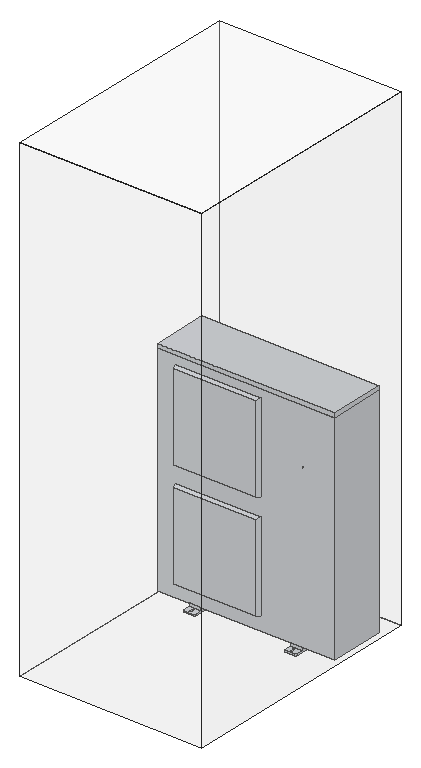
Revit family "pusy-fp80_280smh2_50hz", category 機械設備, Revit 2019 (continued)
Definition of nested family "PUZ-ZRMP-3"
  Dimensions and locks
    aligned and locked: Blend 4 sketch curve to plane 41
    aligned and locked: Blend 4 sketch curve to plane 40
    aligned and locked: Blend 4 sketch curve to plane 46
    aligned and locked: Blend 4 sketch curve to plane 44
    aligned and locked: Blend 4 sketch curve to plane 45
    aligned and locked: Blend 4 sketch curve to plane 47
    aligned and locked: Blend 4 to plane 8
    aligned and locked: plane 37 to Blend 4
    aligned and locked: curve 17 to plane 48
    aligned and locked: curve 1 to plane 48
    aligned and locked: plane 48 to curve 19
    aligned and locked: curve 18 to plane 49
    aligned and locked: plane 49 to curve 2
    aligned and locked: plane 49 to curve 20
    aligned and locked: Blend 5 sketch curve to plane 63
    aligned and locked: Blend 5 sketch curve to plane 64
    aligned and locked: Blend 5 sketch curve to plane 41
    aligned and locked: Blend 5 sketch curve to plane 40
    aligned and locked: plane 44 to Blend 5 sketch curve
    aligned and locked: Blend 5 sketch curve to plane 45
    aligned and locked: Blend 5 sketch curve to plane 65
    aligned and locked: plane 66 to Blend 5 sketch curve
    aligned and locked: Blend 5 to plane 8
    aligned and locked: plane 37 to Blend 5
    aligned and locked: plane 22 to Extrusion 6 sketch curve
    aligned and locked: plane 21 to Extrusion 6 sketch curve
    aligned and locked: Extrusion 6 sketch curve to Extrusion 1  (x4)
    aligned and locked: Extrusion 6 sketch curve to plane 20
    aligned and locked: plane 23 to Extrusion 6
    aligned and locked: Extrusion 6 to level
    aligned and locked: plane 24 to Extrusion 7
    aligned and locked: Extrusion 7 to plane 25
    aligned and locked: Masking region 1 sketch curve to Extrusion 3  (x4)
    aligned and locked: Masking region 1 sketch curve to cut or joined group of Extrusion 1, Extrusion 6  (x8)
    aligned and locked: Masking region 1 sketch curve to Blend 5  (x3)
    aligned and locked: plane 50 to Extrusion 7 sketch curve
    aligned and locked: plane 51 to Extrusion 7 sketch curve
    aligned and locked: plane 68 to Extrusion 7 sketch curve
    aligned and locked: plane 69 to Extrusion 7 sketch curve
    aligned and locked: plane 70 to Extrusion 7 sketch curve
    aligned and locked: plane 71 to Extrusion 7 sketch curve
    aligned and locked: plane 67 to Extrusion 7 sketch curve  (x4)
  Automatic sketch dimensions
    plane 7 to Extrusion 1 sketch curve = 0 mm  (x2)
    Extrusion 1 sketch curve to plane 18 = 0 mm
    plane 8 to Extrusion 1 sketch curve = 0 mm  (x2)
    Extrusion 1 sketch curve to plane 19 = 0 mm
    Extrusion 1 sketch curve to plane 20 = 0 mm
    Extrusion 1 sketch curve to plane 21 = 0 mm
    curve 187 to curve 188 = 40 mm
    curve 186 to curve 190 = 13.333 mm
    curve 190 to curve 190 = 40 mm
    curve 186 to curve 193 = 0 mm
    curve 186 to curve 188 = 40 mm
    curve 188 to curve 191 = 0 mm
    curve 179 to curve 180 = 40 mm
    curve 178 to curve 182 = 120 mm
    curve 182 to curve 182 = 40 mm
    curve 178 to curve 185 = 0 mm
    curve 178 to curve 180 = 40 mm
    curve 182 to curve 183 = 40 mm
    curve 25 to plane 44 = 0 mm
    curve 24 to plane 44 = 0 mm
    curve 22 to plane 44 = 0 mm
    curve 23 to plane 44 = 0 mm
    curve 26 to plane 44 = 0 mm
    curve 21 to plane 44 = 0 mm
    curve 24 to plane 45 = 0 mm
    curve 25 to plane 45 = 0 mm
    curve 26 to plane 45 = 0 mm
    curve 23 to plane 45 = 0 mm
    curve 22 to plane 45 = 0 mm
    curve 21 to plane 45 = 0 mm
    curve 37 to plane 47 = 0 mm
    curve 52 to plane 47 = 0 mm
    curve 51 to plane 47 = 0 mm
    curve 50 to plane 47 = 0 mm
    curve 49 to plane 47 = 0 mm
    curve 48 to plane 47 = 0 mm
    curve 47 to plane 47 = 0 mm
    curve 46 to plane 47 = 0 mm
    curve 45 to plane 47 = 0 mm
    curve 44 to plane 47 = 0 mm
    curve 43 to plane 47 = 0 mm
    curve 42 to plane 47 = 0 mm
    curve 41 to plane 47 = 0 mm
    curve 27 to plane 47 = 0 mm
    curve 28 to plane 47 = 0 mm
    curve 40 to plane 47 = 0 mm
    curve 39 to plane 47 = 0 mm
    curve 29 to plane 47 = 0 mm
    curve 38 to plane 47 = 0 mm
    curve 30 to plane 47 = 0 mm
    curve 53 to plane 47 = 0 mm
    curve 31 to plane 47 = 0 mm
    curve 36 to plane 47 = 0 mm
    curve 32 to plane 47 = 0 mm
    curve 35 to plane 47 = 0 mm
    curve 33 to plane 47 = 0 mm
    curve 34 to plane 47 = 0 mm
    curve 28 to plane 46 = 0 mm
    curve 41 to plane 46 = 0 mm
    curve 27 to plane 46 = 0 mm
    curve 42 to plane 46 = 0 mm
    curve 31 to plane 46 = 0 mm
    curve 40 to plane 46 = 0 mm
    curve 37 to plane 46 = 0 mm
    curve 39 to plane 46 = 0 mm
    curve 32 to plane 46 = 0 mm
    curve 45 to plane 46 = 0 mm
    curve 36 to plane 46 = 0 mm
    curve 46 to plane 46 = 0 mm
    curve 43 to plane 46 = 0 mm
    curve 47 to plane 46 = 0 mm
    curve 29 to plane 46 = 0 mm
    curve 48 to plane 46 = 0 mm
    curve 30 to plane 46 = 0 mm
    curve 49 to plane 46 = 0 mm
    curve 44 to plane 46 = 0 mm
    curve 50 to plane 46 = 0 mm
    curve 33 to plane 46 = 0 mm
    curve 51 to plane 46 = 0 mm
    curve 35 to plane 46 = 0 mm
    curve 52 to plane 46 = 0 mm
    curve 38 to plane 46 = 0 mm
    curve 53 to plane 46 = 0 mm
    curve 34 to plane 46 = 0 mm
    plane 13 to curve 304 = 138 mm
    curve 304 to plane 45 = 0 mm
    curve 307 to plane 44 = 0 mm
    curve 306 to plane 44 = 0 mm
    curve 303 to plane 44 = 0 mm
    curve 308 to plane 44 = 0 mm
    curve 303 to plane 45 = 0 mm
    curve 306 to plane 45 = 0 mm
    curve 307 to plane 45 = 0 mm
    curve 308 to plane 45 = 0 mm
    curve 309 to plane 44 = 0 mm
    curve 309 to plane 45 = 0 mm
    curve 305 to plane 66 = 0 mm
    curve 305 to plane 65 = 0 mm
    curve 310 to plane 66 = 0 mm
    curve 310 to plane 65 = 0 mm
    curve 311 to plane 65 = 0 mm
    curve 311 to plane 66 = 0 mm
    curve 312 to plane 66 = 0 mm
    curve 312 to plane 65 = 0 mm
    curve 313 to plane 66 = 0 mm
    curve 313 to plane 65 = 0 mm
    curve 314 to plane 65 = 0 mm
    curve 314 to plane 66 = 0 mm
    curve 315 to plane 66 = 0 mm
    curve 315 to plane 65 = 0 mm
    curve 316 to plane 65 = 0 mm
    curve 316 to plane 66 = 0 mm
    curve 317 to plane 66 = 0 mm
    curve 317 to plane 65 = 0 mm
    curve 318 to plane 66 = 0 mm
    curve 318 to plane 65 = 0 mm
    curve 319 to plane 66 = 0 mm
    curve 319 to plane 65 = 0 mm
    curve 320 to plane 66 = 0 mm
    curve 320 to plane 65 = 0 mm
    curve 321 to plane 66 = 0 mm
    curve 321 to plane 65 = 0 mm
    curve 322 to plane 65 = 0 mm
    curve 322 to plane 66 = 0 mm
    curve 323 to plane 65 = 0 mm
    curve 323 to plane 66 = 0 mm
    curve 324 to plane 65 = 0 mm
    curve 324 to plane 66 = 0 mm
    curve 325 to plane 66 = 0 mm
    curve 325 to plane 65 = 0 mm
    curve 326 to plane 66 = 0 mm
    curve 326 to plane 65 = 0 mm
    curve 327 to plane 66 = 0 mm
    curve 327 to plane 65 = 0 mm
    curve 328 to plane 66 = 0 mm
    curve 328 to plane 65 = 0 mm
    curve 329 to plane 66 = 0 mm
    curve 329 to plane 65 = 0 mm
    curve 330 to plane 66 = 0 mm
    curve 330 to plane 65 = 0 mm
    curve 331 to plane 66 = 0 mm
    curve 331 to plane 65 = 0 mm
    curve 332 to plane 65 = 0 mm
    curve 332 to plane 66 = 0 mm
    curve 333 to plane 66 = 0 mm
    curve 333 to plane 65 = 0 mm
    curve 334 to plane 65 = 0 mm
    curve 334 to plane 66 = 0 mm
    curve 335 to plane 66 = 0 mm
    curve 335 to plane 65 = 0 mm
    Extrusion 6 sketch curve to plane 18 = 0 mm  (x2)
    plane 8 to Extrusion 6 sketch curve = 0 mm
    plane 22 to Extrusion 6 sketch curve = 0 mm  (x3)
    plane 16 to Extrusion 6 sketch curve = 0 mm  (x3)
    plane 17 to Extrusion 6 sketch curve = 0 mm  (x3)
    Extrusion 6 sketch curve to plane 15 = 0 mm  (x2)
    Extrusion 6 sketch curve to plane 19 = 0 mm  (x2)
    Extrusion 6 sketch curve to plane 14 = 0 mm  (x2)
    plane 7 to Extrusion 6 sketch curve = 0 mm
    Extrusion 6 sketch curve to plane 18 = 5 mm
    plane 15 to Extrusion 6 sketch curve = 6 mm  (x2)
    plane 19 to Extrusion 6 sketch curve = 5 mm
    Extrusion 6 sketch curve to plane 20 = 5 mm
    plane 14 to Extrusion 6 sketch curve = 6 mm  (x2)
    plane 21 to Extrusion 6 sketch curve = 5 mm
    plane 37 to Extrusion 6 sketch curve = 10 mm  (x2)
    plane 19 to Masking region 1 sketch curve = 0 mm
    plane 21 to Masking region 1 sketch curve = 0 mm
    plane 7 to Masking region 1 sketch curve = 0 mm  (x2)
    Masking region 1 sketch curve to plane 20 = 0 mm
    Masking region 1 sketch curve to plane 18 = 0 mm
    plane 8 to Masking region 1 sketch curve = 0 mm  (x2)
    plane 37 to Masking region 1 sketch curve = 0 mm
    curve 352 to plane 6 = 0 mm
    plane 7 to curve 352 = 0 mm
    curve 353 to plane 18 = 0 mm
    curve 348 to plane 18 = 0 mm
    plane 8 to curve 346 = 0 mm
    curve 354 to plane 19 = 0 mm
    curve 347 to plane 19 = 0 mm
    curve 345 to plane 40 = 0 mm
    plane 37 to curve 344 = 0 mm
    curve 344 to plane 45 = 0 mm
    curve 357 to plane 20 = 0 mm
    curve 343 to plane 20 = 0 mm
    curve 358 to plane 21 = 0 mm
    curve 341 to plane 21 = 0 mm
    curve 339 to plane 44 = 0 mm
    curve 339 to plane 41 = 0 mm
    curve 337 to plane 5 = 0 mm
    plane 22 to curve 354 = 0 mm
    plane 22 to curve 358 = 0 mm
    plane 18 to curve 352 = 28.157 mm
    plane 15 to curve 346 = 0.043 mm
    plane 21 to curve 338 = 11.963 mm
    curve 336 to plane 21 = 9.073 mm
    curve 344 to plane 21 = 22.105 mm
    plane 27 to curve 3 = 5 mm
    curve 3 to plane 44 = 38 mm
    curve 1 to plane 44 = 38 mm
    curve 3 to curve 5 = 0 mm
    curve 4 to plane 28 = 5 mm
    curve 2 to curve 16 = 15 mm
    plane 50 to curve 15 = 5 mm
    curve 341 to curve 342 = 23 mm
    plane 37 to curve 347 = 23 mm
    plane 37 to Extrusion 6 sketch curve = 18 mm  (x2)
    curve 20 to curve 14 = 17.5 mm
    curve 20 to plane 6 = 46 mm
    curve 12 to curve 6 = 0 mm
    curve 372 to curve 5 = 0 mm
    curve 11 to plane 6 = 78.5 mm
Definition of nested family "固定点"
  Parameters (values of type "固定点")
    中心円 = if(W > 599 mm, 12 mm, 10 mm)  # 12 mm
    W = 1000 mm
    D = 1000 mm
  Reference planes
    plane 1 "中心(正面/背面)": y = 0
    plane 2: z = 0
    plane 3 "中心(左/右)": x = 0
    plane 4: x = 1000
    plane 5: y = 1000
  Lines and regions (mm)
    symbolic lines, detail levels fine
      curve 1: circle (0, 1000, 0) r 6 normal (0, 0, 1)
      curve 2: circle (0, 0, 0) r 6 normal (0, 0, 1)
      curve 3: circle (1000, 1000, 0) r 6 normal (0, 0, 1)
      curve 4: circle (1000, 0, 0) r 6 normal (0, 0, 1)
      curve 5: line (-200, 1000, 0) -> (1200, 1000, 0)
      curve 6: line (-200, 0, 0) -> (1200, 0, 0)
      curve 7: line (0, 1200, 0) -> (0, -200, 0)
      curve 8: line (1000, 1200, 0) -> (1000, -200, 0)
  Dimensions and locks
    "W": plane 3 "中心(左/右)" to plane 4
    "D": plane 1 "中心(正面/背面)" to plane 5
    "中心円": diameter of curve 1
    "中心円": diameter of curve 2
    "中心円": diameter of curve 3
    "中心円": diameter of curve 4
    aligned and locked: level to plane 2
    aligned and locked: plane 5 to curve 1
    aligned and locked: plane 3 "中心(左/右)" to curve 1
    aligned and locked: plane 3 "中心(左/右)" to curve 2
    aligned and locked: plane 1 "中心(正面/背面)" to curve 2
    aligned and locked: plane 4 to curve 3
    aligned and locked: plane 5 to curve 3
    aligned and locked: plane 1 "中心(正面/背面)" to curve 4
    aligned and locked: plane 4 to curve 4
    aligned and locked: plane 1 "中心(正面/背面)" to curve 6
    aligned and locked: curve 7 to plane 3 "中心(左/右)"
    aligned and locked: curve 8 to plane 4
  Automatic sketch dimensions
    curve 5 to plane 5 = 0 mm
    curve 6 to plane 3 "中心(左/右)" = 200 mm
    curve 5 to plane 3 "中心(左/右)" = 200 mm
    curve 4 to curve 6 = 200 mm
    curve 3 to curve 5 = 200 mm
    plane 1 "中心(正面/背面)" to curve 8 = 200 mm
    plane 1 "中心(正面/背面)" to curve 7 = 200 mm
    curve 3 to curve 8 = 200 mm
    curve 1 to curve 7 = 200 mm
Types (9, lengths in mm): name | 音響パワーレベル（冷）(dB) | 音響パワーレベル(dB) | 電源位置Z | 電動機出力_送風機 | 電動機出力_圧縮機 | 質量 | 製品質量 | 相 | 消費電力_暖房 | 消費電力_冷房 | 消費電力 | 構成品番 | 極数 | 最小電線太さ_mm2 | 最大電流値 | 暖房能力 | 推奨ブレーカー容量 | 冷媒管（液）位置Z | 冷媒管位置Z_上面 | 冷媒管（ガス）位置Z | 冷媒ガス管_半径 | 冷房能力 | 冷媒管径符号 | 冷媒管位置Z | 冷媒ガス管径 | URL
  室外機_PUSY-FP112MH2(-BS,BSG) | 70 | 70 | 1062 | 0.12 kW | 2.35 kW | 146.40 kg | 122.00 kg | 3 | 2.81 kW | 2.42 kW | 2.81 kW | "PUSY-FP112MH2 (-BS,-BSG)" | 3 | 3.5 | 17.5 A | 11.2 kW | 30 A | 485 | 565 | 420 | 7.94 | 10 kW | "Bd" | 420 | 15.88 | "https://www.mitsubishielectric.co.jp/ldg/wink/ssl/displayProduct.do?pid=321169"
  室外機_PUSY-FP140MH2(-BS,BSG) | 73 | 73 | 1062 | 0.12 kW | 3.05 kW | 146.40 kg | 122.00 kg | 3 | 3.66 kW | 3.34 kW | 3.66 kW | "PUSY-FP140MH2 (-BS,-BSG)" | 3 | 5.5 | 24.5 A | 14 kW | 30 A | 485 | 565 | 420 | 7.94 | 12.5 kW | "Bd" | 420 | 15.88 | "https://www.mitsubishielectric.co.jp/ldg/wink/ssl/displayProduct.do?pid=321172"
  室外機_PUSY-FP160MH2(-BS,BSG) | 74 | 74 | 1062 | 0.12 kW | 3.52 kW | 146.40 kg | 122.00 kg | 3 | 4.07 kW | 3.57 kW | 4.07 kW | "PUSY-FP160MH2 (-BS,-BSG)" | 3 | 5.5 | 25 A | 16 kW | 30 A | 485 | 565 | 420 | 7.94 | 14 kW | "Bd" | 422 | 15.88 | "https://www.mitsubishielectric.co.jp/ldg/wink/ssl/displayProduct.do?pid=321175"
  室外機_PUSY-FP224MH2(-BS,BSG) | 80 | 80 | 1051 | 0.3 kW | 4.39 kW | 166.80 kg | 139.00 kg | 3 | 4.93 kW | 5.64 kW | 5.64 kW | "PUSY-FP224MH2 (-BS,-BSG)" | 3 | 8 | 36 A | 22.4 kW | 40 A | 450 | 530 | 293 | 12.7 | 20 kW | "Bg" | 293 | 25.40 | "https://www.mitsubishielectric.co.jp/ldg/wink/ssl/displayProduct.do?pid=321178"
  室外機_PUSY-FP80SMH2(-BS,BSG) | 70 | 70 | 985 | 0.12 kW | 1.7 kW | 147.60 kg | 123.00 kg | 1 | 1.68 kW | 1.48 kW | 1.68 kW | "PUSY-FP80SMH2 (-BS,-BSG)" | 1 | 5.5 | 27.5 A | 8 kW | 30 A | 485 | 565 | 420 | 7.94 | 7.1 kW | "Bd" | 420 | 15.88 | "https://www.mitsubishielectric.co.jp/ldg/wink/ssl/displayProduct.do?pid=321184"
  室外機_PUSY-FP80MH2(-BS,BSG) | 70 | 70 | 1062 | 0.12 kW | 1.7 kW | 146.40 kg | 122.00 kg | 3 | 1.66 kW | 1.47 kW | 1.66 kW | "PUSY-FP80MH2 (-BS,-BSG)" | 3 | 3.5 | 17.5 A | 8 kW | 30 A | 485 | 565 | 420 | 7.94 | 7.1 kW | "Bd" | 420 | 15.88 | "https://www.mitsubishielectric.co.jp/ldg/wink/ssl/displayProduct.do?pid=321167"
  室外機_PUSY-FP280MH2(-BS,BSG) | 82 | 82 | 1051 | 0.4 kW | 6.19 kW | 166.80 kg | 139.00 kg | 3 | 7.18 kW | 9.45 kW | 9.45 kW | "PUSY-FP280MH2 (-BS,-BSG)" | 3 | 14 | 39 A | 28 kW | 50 A | 450 | 530 | 293 | 12.7 | 25 kW | "Bg" | 293 | 25.40 | "https://www.mitsubishielectric.co.jp/ldg/wink/ssl/displayProduct.do?pid=321181"
  室外機_PUSY-FP112SMH2(-BS,BSG) | 70 | 70 | 985 | 0.12 kW | 2.35 kW | 147.60 kg | 123.00 kg | 1 | 2.87 kW | 2.47 kW | 2.87 kW | "PUSY-FP112SMH2 (-BS,-BSG)" | 1 | 5.5 | 27.5 A | 11.2 kW | 30 A | 485 | 565 | 420 | 7.94 | 10 kW | "Bd" | 420 | 15.88 | "https://www.mitsubishielectric.co.jp/ldg/wink/ssl/displayProduct.do?pid=321187"
  室外機_PUSY-FP140SMH2(-BS,BSG) | 73 | 73 | 985 | 0.12 kW | 3.05 kW | 147.60 kg | 123.00 kg | 1 | 3.8 kW | 3.47 kW | 3.8 kW | "PUSY-FP140SMH2 (-BS,-BSG)" | 1 | 5.5 | 28.5 A | 14 kW | 30 A | 485 | 565 | 420 | 7.94 | 12.5 kW | "Bd" | 420 | 15.88 | "https://www.mitsubishielectric.co.jp/ldg/wink/ssl/displayProduct.do?pid=321190"
